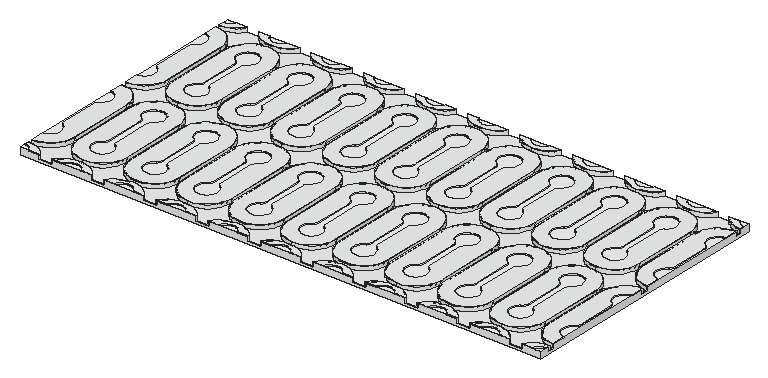
Revit family "DEVIcell™_LowCarbon_RFA", category Mechanical Equipment, Revit 2019
Family settings
  Round Connector Dimension = Use Diameter
  Part Type = Normal
  OmniClass Number = 23.80.00.00
  OmniClass Title = Electric Power and Lighting
  Work Plane-Based = No
  Always vertical = Yes
  Cut with Voids When Loaded = No
  Shared = No
  Room Calculation Point = No
Parameters (values of type "DEVIcell™ LowCarbon")
  Weight = 1.056 kg  # constant formula
  W = 496 mm
  URL = "https://store.danfoss.com/en/Climate-Solutions-for-heating/Electric-heating/DEVI-electric-heating/Other-heating-products/DEVIcell%E2%84%A2/DEVIcell%E2%84%A2-2m%C2%B2-4pcs/p/140F1131"
  Thickness = H  # 13 mm
  R value = "0.26 m² K/W"  # constant formula
  Plate size = "50 x 100 cm"  # constant formula
  Noise reduction = "-3 dB"  # constant formula
  Model Type = "DEVIcell™ LowCarbon"
  Model = "140F1130, 140F1131, 140F1132"
  Max Working Temperature = "80 °C"  # constant formula
  Manufacturer = "Danfoss"  # constant formula
  L = 996 mm
  Insulation = "12 mm \u001cre retardant EPS"  # constant formula
  H_alu = 8.8 mm
  H = 13 mm
  Description = "Insulation plate"  # constant formula
  Deformation strength = ">400 kPa at 10% compression"  # constant formula
  Body Material = Danfoss Aluminum
  Aluminim thickness = 0.8 mm  # constant formula
Reference planes
  plane 1 "Center (Front/Back)": y = 0
  plane 2: z = 0
  plane 3 "Center (Left/Right)": x = 0
  plane 4: z = 8.8
  plane 5: x = -498
  plane 6: x = 498
  plane 7: y = 248
  plane 8: y = -248
  plane 9: z = -4.2
Forms (mm)
  Extrusion 1, solid, material "Danfoss Aluminum" <- "Body Material"
    sketch origin (0, 0, 0) x (1, 0, 0) y (0, 1, 0)
      loop
        line (-498, 248) -> (-498, -248) -> (498, -248) -> (498, 248) -> (-498, 248)
    from 0 to 8.8
  Extrusion 2, void
    sketch origin (0, 0, 0) x (1, 0, 0) y (0, 1, 0)
      loop
        line (-453.196, 173.803) -> (-453.196, 51.197)
        arc (-453.196, 51.197) -> (-466.815, 18.316) -> (-499.696, 4.697) r 46.5
        line (-499.696, 4.697) -> (-547.976, 4.697) -> (-547.976, -4.697) -> (-499.696, -4.697)
        arc (-499.696, -4.697) -> (-466.815, -18.316) -> (-453.196, -51.197) r 46.5
        line (-453.196, -51.197) -> (-453.196, -173.803)
        arc (-453.196, -173.803) -> (-466.815, -206.684) -> (-499.696, -220.303) r 46.5
        line (-499.696, -220.303) -> (-547.976, -220.303) -> (-547.976, -227.303) -> (-499.696, -227.303)
        arc (-499.696, -227.303) -> (-466.815, -240.923) -> (-453.196, -273.803) r 46.5
        line (-453.196, -273.803) -> (-453.196, -311.599) -> (-446.196, -311.599) -> (-446.196, -273.803)
        arc (-446.196, -273.803) -> (-432.576, -240.923) -> (-399.696, -227.303) r 46.5
        arc (-399.696, -227.303) -> (-366.815, -240.923) -> (-353.196, -273.803) r 46.5
        line (-353.196, -273.803) -> (-353.196, -311.599) -> (-346.196, -311.599) -> (-346.196, -273.803)
        arc (-346.196, -273.803) -> (-332.576, -240.923) -> (-299.696, -227.303) r 46.5
        arc (-299.696, -227.303) -> (-266.815, -240.923) -> (-253.196, -273.803) r 46.5
        line (-253.196, -273.803) -> (-253.196, -311.599) -> (-246.196, -311.599) -> (-246.196, -273.803)
        arc (-246.196, -273.803) -> (-232.576, -240.923) -> (-199.696, -227.303) r 46.5
        arc (-199.696, -227.303) -> (-166.815, -240.923) -> (-153.196, -273.803) r 46.5
        line (-153.196, -273.803) -> (-153.196, -311.599) -> (-146.196, -311.599) -> (-146.196, -273.803)
        arc (-146.196, -273.803) -> (-132.576, -240.923) -> (-99.696, -227.303) r 46.5
        arc (-99.696, -227.303) -> (-66.815, -240.923) -> (-53.196, -273.803) r 46.5
        line (-53.196, -273.803) -> (-53.196, -311.599) -> (-46.19, -311.599) -> (-46.19, -273.536)
        arc (-46.19, -273.536) -> (-32.661, -240.875) -> (0, -227.346) r 46.19
        arc (0, -227.346) -> (33.065, -241.042) -> (46.761, -274.107) r 46.761
        line (46.761, -274.107) -> (46.761, -311.599) -> (53.632, -311.599) -> (53.632, -273.803)
        arc (53.632, -273.803) -> (67.251, -240.923) -> (100.132, -227.303) r 46.5
        arc (100.132, -227.303) -> (133.012, -240.923) -> (146.632, -273.803) r 46.5
        line (146.632, -273.803) -> (146.632, -311.599) -> (153.632, -311.599) -> (153.632, -273.803)
        arc (153.632, -273.803) -> (167.251, -240.923) -> (200.132, -227.303) r 46.5
        arc (200.132, -227.303) -> (233.012, -240.923) -> (246.632, -273.803) r 46.5
        line (246.632, -273.803) -> (246.632, -311.599) -> (253.632, -311.599) -> (253.632, -273.803)
        arc (253.632, -273.803) -> (267.251, -240.923) -> (300.132, -227.303) r 46.5
        arc (300.132, -227.303) -> (333.012, -240.923) -> (346.632, -273.803) r 46.5
        line (346.632, -273.803) -> (346.632, -311.599) -> (353.632, -311.599) -> (353.632, -273.803)
        arc (353.632, -273.803) -> (367.251, -240.923) -> (400.132, -227.303) r 46.5
        arc (400.132, -227.303) -> (433.012, -240.923) -> (446.632, -273.803) r 46.5
        line (446.632, -273.803) -> (446.632, -311.599) -> (453.632, -311.599) -> (453.632, -273.803)
        arc (453.632, -273.803) -> (467.251, -240.923) -> (500.132, -227.303) r 46.5
        line (500.132, -227.303) -> (532.024, -227.303) -> (532.024, -220.303) -> (500.132, -220.303)
        arc (500.132, -220.303) -> (467.251, -206.684) -> (453.632, -173.803) r 46.5
        line (453.632, -173.803) -> (453.632, -51.197)
        arc (453.632, -51.197) -> (467.251, -18.316) -> (500.132, -4.697) r 46.5
        line (500.132, -4.697) -> (532.024, -4.697) -> (532.024, 4.697) -> (500.132, 4.697)
        arc (500.132, 4.697) -> (467.251, 18.316) -> (453.632, 51.197) r 46.5
        line (453.632, 51.197) -> (453.632, 173.803)
        arc (453.632, 173.803) -> (467.251, 206.684) -> (500.132, 220.303) r 46.5
        line (500.132, 220.303) -> (532.024, 220.303) -> (532.024, 227.303) -> (500.132, 227.303)
        arc (500.132, 227.303) -> (467.251, 240.923) -> (453.632, 273.803) r 46.5
        line (453.632, 273.803) -> (453.632, 311.599) -> (446.632, 311.599) -> (446.632, 273.803)
        arc (446.632, 273.803) -> (433.012, 240.923) -> (400.132, 227.303) r 46.5
        arc (400.132, 227.303) -> (367.251, 240.923) -> (353.632, 273.803) r 46.5
        line (353.632, 273.803) -> (353.632, 311.599) -> (346.632, 311.599) -> (346.632, 273.803)
        arc (346.632, 273.803) -> (333.012, 240.923) -> (300.132, 227.303) r 46.5
        arc (300.132, 227.303) -> (267.251, 240.923) -> (253.632, 273.803) r 46.5
        line (253.632, 273.803) -> (253.632, 311.599) -> (246.632, 311.599) -> (246.632, 273.803)
        arc (246.632, 273.803) -> (233.012, 240.923) -> (200.132, 227.303) r 46.5
        arc (200.132, 227.303) -> (167.251, 240.923) -> (153.632, 273.803) r 46.5
        line (153.632, 273.803) -> (153.632, 311.599) -> (146.632, 311.599) -> (146.632, 273.803)
        arc (146.632, 273.803) -> (133.012, 240.923) -> (100.132, 227.303) r 46.5
        arc (100.132, 227.303) -> (67.251, 240.923) -> (53.632, 273.803) r 46.5
        line (53.632, 273.803) -> (53.632, 311.599) -> (46.761, 311.599) -> (46.761, 274.107)
        arc (46.761, 274.107) -> (33.065, 241.042) -> (0, 227.346) r 46.761
        arc (0, 227.346) -> (-32.661, 240.875) -> (-46.19, 273.536) r 46.19
        line (-46.19, 273.536) -> (-46.19, 311.599) -> (-53.196, 311.599) -> (-53.196, 273.803)
        arc (-53.196, 273.803) -> (-66.815, 240.923) -> (-99.696, 227.303) r 46.5
        arc (-99.696, 227.303) -> (-132.576, 240.923) -> (-146.196, 273.803) r 46.5
        line (-146.196, 273.803) -> (-146.196, 311.599) -> (-153.196, 311.599) -> (-153.196, 273.803)
        arc (-153.196, 273.803) -> (-166.815, 240.923) -> (-199.696, 227.303) r 46.5
        arc (-199.696, 227.303) -> (-232.576, 240.923) -> (-246.196, 273.803) r 46.5
        line (-246.196, 273.803) -> (-246.196, 311.599) -> (-253.196, 311.599) -> (-253.196, 273.803)
        arc (-253.196, 273.803) -> (-266.815, 240.923) -> (-299.696, 227.303) r 46.5
        arc (-299.696, 227.303) -> (-332.576, 240.923) -> (-346.196, 273.803) r 46.5
        line (-346.196, 273.803) -> (-346.196, 311.599) -> (-353.196, 311.599) -> (-353.196, 273.803)
        arc (-353.196, 273.803) -> (-366.815, 240.923) -> (-399.696, 227.303) r 46.5
        arc (-399.696, 227.303) -> (-432.576, 240.923) -> (-446.196, 273.803) r 46.5
        line (-446.196, 273.803) -> (-446.196, 311.599) -> (-453.196, 311.599) -> (-453.196, 273.803)
        arc (-453.196, 273.803) -> (-466.815, 240.923) -> (-499.696, 227.303) r 46.5
        line (-499.696, 227.303) -> (-547.976, 227.303) -> (-547.976, 220.303) -> (-499.696, 220.303)
        arc (-499.696, 220.303) -> (-466.815, 206.684) -> (-453.196, 173.803) r 46.5
      loop
        line (-446.196, 173.803) -> (-446.196, 51.197)
        arc (-446.196, 51.197) -> (-432.576, 18.316) -> (-399.696, 4.697) r 46.5
        arc (-399.696, 4.697) -> (-366.815, 18.316) -> (-353.196, 51.197) r 46.5
        line (-353.196, 51.197) -> (-353.196, 173.803)
        arc (-353.196, 173.803) -> (-366.815, 206.684) -> (-399.696, 220.303) r 46.5
        arc (-399.696, 220.303) -> (-432.576, 206.684) -> (-446.196, 173.803) r 46.5
      loop
        arc (-253.196, 173.803) -> (-266.815, 206.684) -> (-299.696, 220.303) r 46.5
        arc (-299.696, 220.303) -> (-332.576, 206.684) -> (-346.196, 173.803) r 46.5
        line (-346.196, 173.803) -> (-346.196, 51.197)
        arc (-346.196, 51.197) -> (-332.576, 18.316) -> (-299.696, 4.697) r 46.5
        arc (-299.696, 4.697) -> (-266.815, 18.316) -> (-253.196, 51.197) r 46.5
        line (-253.196, 51.197) -> (-253.196, 173.803)
      loop
        arc (-53.196, 173.803) -> (-66.815, 206.684) -> (-99.696, 220.303) r 46.5
        arc (-99.696, 220.303) -> (-132.576, 206.684) -> (-146.196, 173.803) r 46.5
        line (-146.196, 173.803) -> (-146.196, 51.197)
        arc (-146.196, 51.197) -> (-132.576, 18.316) -> (-99.696, 4.697) r 46.5
        arc (-99.696, 4.697) -> (-66.815, 18.316) -> (-53.196, 51.197) r 46.5
        line (-53.196, 51.197) -> (-53.196, 173.803)
      loop
        line (-246.196, 173.803) -> (-246.196, 51.197)
        arc (-246.196, 51.197) -> (-232.576, 18.316) -> (-199.696, 4.697) r 46.5
        arc (-199.696, 4.697) -> (-166.815, 18.316) -> (-153.196, 51.197) r 46.5
        line (-153.196, 51.197) -> (-153.196, 173.803)
        arc (-153.196, 173.803) -> (-166.815, 206.684) -> (-199.696, 220.303) r 46.5
        arc (-199.696, 220.303) -> (-232.576, 206.684) -> (-246.196, 173.803) r 46.5
      loop
        line (-46.19, 174.07) -> (-46.19, 50.93)
        arc (-46.19, 50.93) -> (-32.661, 18.269) -> (0, 4.74) r 46.19
        arc (0, 4.74) -> (33.065, 18.436) -> (46.761, 51.501) r 46.761
        line (46.761, 51.501) -> (46.761, 173.499)
        arc (46.761, 173.499) -> (33.065, 206.564) -> (0, 220.26) r 46.761
        arc (0, 220.26) -> (-32.661, 206.731) -> (-46.19, 174.07) r 46.19
      loop
        arc (446.632, 173.803) -> (433.012, 206.684) -> (400.132, 220.303) r 46.5
        arc (400.132, 220.303) -> (367.251, 206.684) -> (353.632, 173.803) r 46.5
        line (353.632, 173.803) -> (353.632, 51.197)
        arc (353.632, 51.197) -> (367.251, 18.316) -> (400.132, 4.697) r 46.5
        arc (400.132, 4.697) -> (433.012, 18.316) -> (446.632, 51.197) r 46.5
        line (446.632, 51.197) -> (446.632, 173.803)
      loop
        line (253.632, 173.803) -> (253.632, 51.197)
        arc (253.632, 51.197) -> (267.251, 18.316) -> (300.132, 4.697) r 46.5
        arc (300.132, 4.697) -> (333.012, 18.316) -> (346.632, 51.197) r 46.5
        line (346.632, 51.197) -> (346.632, 173.803)
        arc (346.632, 173.803) -> (333.012, 206.684) -> (300.132, 220.303) r 46.5
        arc (300.132, 220.303) -> (267.251, 206.684) -> (253.632, 173.803) r 46.5
      loop
        line (53.632, 173.803) -> (53.632, 51.197)
        arc (53.632, 51.197) -> (67.251, 18.316) -> (100.132, 4.697) r 46.5
        arc (100.132, 4.697) -> (133.012, 18.316) -> (146.632, 51.197) r 46.5
        line (146.632, 51.197) -> (146.632, 173.803)
        arc (146.632, 173.803) -> (133.012, 206.684) -> (100.132, 220.303) r 46.5
        arc (100.132, 220.303) -> (67.251, 206.684) -> (53.632, 173.803) r 46.5
      loop
        arc (246.632, 173.803) -> (233.012, 206.684) -> (200.132, 220.303) r 46.5
        arc (200.132, 220.303) -> (167.251, 206.684) -> (153.632, 173.803) r 46.5
        line (153.632, 173.803) -> (153.632, 51.197)
        arc (153.632, 51.197) -> (167.251, 18.316) -> (200.132, 4.697) r 46.5
        arc (200.132, 4.697) -> (233.012, 18.316) -> (246.632, 51.197) r 46.5
        line (246.632, 51.197) -> (246.632, 173.803)
      loop
        arc (-446.196, -173.803) -> (-432.576, -206.684) -> (-399.696, -220.303) r 46.5
        arc (-399.696, -220.303) -> (-366.815, -206.684) -> (-353.196, -173.803) r 46.5
        line (-353.196, -173.803) -> (-353.196, -51.197)
        arc (-353.196, -51.197) -> (-366.815, -18.316) -> (-399.696, -4.697) r 46.5
        arc (-399.696, -4.697) -> (-432.576, -18.316) -> (-446.196, -51.197) r 46.5
        line (-446.196, -51.197) -> (-446.196, -173.803)
      loop
        line (-253.196, -173.803) -> (-253.196, -51.197)
        arc (-253.196, -51.197) -> (-266.815, -18.316) -> (-299.696, -4.697) r 46.5
        arc (-299.696, -4.697) -> (-332.576, -18.316) -> (-346.196, -51.197) r 46.5
        line (-346.196, -51.197) -> (-346.196, -173.803)
        arc (-346.196, -173.803) -> (-332.576, -206.684) -> (-299.696, -220.303) r 46.5
        arc (-299.696, -220.303) -> (-266.815, -206.684) -> (-253.196, -173.803) r 46.5
      loop
        line (-53.196, -173.803) -> (-53.196, -51.197)
        arc (-53.196, -51.197) -> (-66.815, -18.316) -> (-99.696, -4.697) r 46.5
        arc (-99.696, -4.697) -> (-132.576, -18.316) -> (-146.196, -51.197) r 46.5
        line (-146.196, -51.197) -> (-146.196, -173.803)
        arc (-146.196, -173.803) -> (-132.576, -206.684) -> (-99.696, -220.303) r 46.5
        arc (-99.696, -220.303) -> (-66.815, -206.684) -> (-53.196, -173.803) r 46.5
      loop
        arc (-246.196, -173.803) -> (-232.576, -206.684) -> (-199.696, -220.303) r 46.5
        arc (-199.696, -220.303) -> (-166.815, -206.684) -> (-153.196, -173.803) r 46.5
        line (-153.196, -173.803) -> (-153.196, -51.197)
        arc (-153.196, -51.197) -> (-166.815, -18.316) -> (-199.696, -4.697) r 46.5
        arc (-199.696, -4.697) -> (-232.576, -18.316) -> (-246.196, -51.197) r 46.5
        line (-246.196, -51.197) -> (-246.196, -173.803)
      loop
        arc (-46.19, -174.07) -> (-32.661, -206.731) -> (0, -220.26) r 46.19
        arc (0, -220.26) -> (33.065, -206.564) -> (46.761, -173.499) r 46.761
        line (46.761, -173.499) -> (46.761, -51.501)
        arc (46.761, -51.501) -> (33.065, -18.436) -> (0, -4.74) r 46.761
        arc (0, -4.74) -> (-32.661, -18.269) -> (-46.19, -50.93) r 46.19
        line (-46.19, -50.93) -> (-46.19, -174.07)
      loop
        line (446.632, -173.803) -> (446.632, -51.197)
        arc (446.632, -51.197) -> (433.012, -18.316) -> (400.132, -4.697) r 46.5
        arc (400.132, -4.697) -> (367.251, -18.316) -> (353.632, -51.197) r 46.5
        line (353.632, -51.197) -> (353.632, -173.803)
        arc (353.632, -173.803) -> (367.251, -206.684) -> (400.132, -220.303) r 46.5
        arc (400.132, -220.303) -> (433.012, -206.684) -> (446.632, -173.803) r 46.5
      loop
        arc (253.632, -173.803) -> (267.251, -206.684) -> (300.132, -220.303) r 46.5
        arc (300.132, -220.303) -> (333.012, -206.684) -> (346.632, -173.803) r 46.5
        line (346.632, -173.803) -> (346.632, -51.197)
        arc (346.632, -51.197) -> (333.012, -18.316) -> (300.132, -4.697) r 46.5
        arc (300.132, -4.697) -> (267.251, -18.316) -> (253.632, -51.197) r 46.5
        line (253.632, -51.197) -> (253.632, -173.803)
      loop
        arc (53.632, -173.803) -> (67.251, -206.684) -> (100.132, -220.303) r 46.5
        arc (100.132, -220.303) -> (133.012, -206.684) -> (146.632, -173.803) r 46.5
        line (146.632, -173.803) -> (146.632, -51.197)
        arc (146.632, -51.197) -> (133.012, -18.316) -> (100.132, -4.697) r 46.5
        arc (100.132, -4.697) -> (67.251, -18.316) -> (53.632, -51.197) r 46.5
        line (53.632, -51.197) -> (53.632, -173.803)
      loop
        line (246.632, -173.803) -> (246.632, -51.197)
        arc (246.632, -51.197) -> (233.012, -18.316) -> (200.132, -4.697) r 46.5
        arc (200.132, -4.697) -> (167.251, -18.316) -> (153.632, -51.197) r 46.5
        line (153.632, -51.197) -> (153.632, -173.803)
        arc (153.632, -173.803) -> (167.251, -206.684) -> (200.132, -220.303) r 46.5
        arc (200.132, -220.303) -> (233.012, -206.684) -> (246.632, -173.803) r 46.5
    from 0.8 to 8.8
  Extrusion 3, void
    sketch origin (0, 0, 0) x (1, 0, 0) y (0, 1, 0)
      loop
        arc (-498, 228.135) -> (-477.627, 233.785) -> (-461.977, 248) r 45.7
        line (-461.977, 248) -> (-498, 248) -> (-498, 228.135)
      loop
        arc (-437.414, 248) -> (-421.018, 233.382) -> (-399.696, 228.103) r 45.7
        arc (-399.696, 228.103) -> (-378.373, 233.382) -> (-361.977, 248) r 45.7
        line (-361.977, 248) -> (-437.414, 248)
      loop
        arc (-337.414, 248) -> (-321.018, 233.382) -> (-299.696, 228.103) r 45.7
        arc (-299.696, 228.103) -> (-278.373, 233.382) -> (-261.977, 248) r 45.7
        line (-261.977, 248) -> (-337.414, 248)
      loop
        arc (-237.414, 248) -> (-221.018, 233.382) -> (-199.696, 228.103) r 45.7
        arc (-199.696, 228.103) -> (-178.373, 233.382) -> (-161.977, 248) r 45.7
        line (-161.977, 248) -> (-237.414, 248)
      loop
        arc (-137.414, 248) -> (-121.018, 233.382) -> (-99.696, 228.103) r 45.7
        arc (-99.696, 228.103) -> (-78.373, 233.382) -> (-61.977, 248) r 45.7
        line (-61.977, 248) -> (-137.414, 248)
      loop
        arc (-37.525, 248) -> (-21.227, 233.415) -> (0, 228.146) r 45.39
        arc (0, 228.146) -> (21.36, 233.411) -> (37.826, 248) r 45.961
        line (37.826, 248) -> (-37.525, 248)
      loop
        arc (62.413, 248) -> (78.81, 233.382) -> (100.132, 228.103) r 45.7
        arc (100.132, 228.103) -> (121.454, 233.382) -> (137.851, 248) r 45.7
        line (137.851, 248) -> (62.413, 248)
      loop
        arc (162.413, 248) -> (178.81, 233.382) -> (200.132, 228.103) r 45.7
        arc (200.132, 228.103) -> (221.454, 233.382) -> (237.851, 248) r 45.7
        line (237.851, 248) -> (162.413, 248)
      loop
        arc (262.413, 248) -> (278.81, 233.382) -> (300.132, 228.103) r 45.7
        arc (300.132, 228.103) -> (321.454, 233.382) -> (337.851, 248) r 45.7
        line (337.851, 248) -> (262.413, 248)
      loop
        arc (362.413, 248) -> (378.81, 233.382) -> (400.132, 228.103) r 45.7
        arc (400.132, 228.103) -> (421.454, 233.382) -> (437.851, 248) r 45.7
        line (437.851, 248) -> (362.413, 248)
      loop
        arc (462.413, 248) -> (477.872, 233.891) -> (498, 228.153) r 45.7
        line (498, 228.153) -> (498, 248) -> (462.413, 248)
      loop
        arc (498, 219.453) -> (467.072, 205.355) -> (454.432, 173.803) r 45.7
        line (454.432, 173.803) -> (454.432, 51.197)
        arc (454.432, 51.197) -> (467.072, 19.645) -> (498, 5.547) r 45.7
        line (498, 5.547) -> (498, 219.453)
      loop
        arc (445.832, 173.803) -> (432.447, 206.118) -> (400.132, 219.503) r 45.7
        arc (400.132, 219.503) -> (367.817, 206.118) -> (354.432, 173.803) r 45.7
        line (354.432, 173.803) -> (354.432, 51.197)
        arc (354.432, 51.197) -> (367.817, 18.882) -> (400.132, 5.497) r 45.7
        arc (400.132, 5.497) -> (432.447, 18.882) -> (445.832, 51.197) r 45.7
        line (445.832, 51.197) -> (445.832, 173.803)
      loop
        arc (300.132, 219.503) -> (267.817, 206.118) -> (254.432, 173.803) r 45.7
        line (254.432, 173.803) -> (254.432, 51.197)
        arc (254.432, 51.197) -> (267.817, 18.882) -> (300.132, 5.497) r 45.7
        arc (300.132, 5.497) -> (332.447, 18.882) -> (345.832, 51.197) r 45.7
        line (345.832, 51.197) -> (345.832, 173.803)
        arc (345.832, 173.803) -> (332.447, 206.118) -> (300.132, 219.503) r 45.7
      loop
        arc (200.132, 219.503) -> (167.817, 206.118) -> (154.432, 173.803) r 45.7
        line (154.432, 173.803) -> (154.432, 51.197)
        arc (154.432, 51.197) -> (167.817, 18.882) -> (200.132, 5.497) r 45.7
        arc (200.132, 5.497) -> (232.447, 18.882) -> (245.832, 51.197) r 45.7
        line (245.832, 51.197) -> (245.832, 173.803)
        arc (245.832, 173.803) -> (232.447, 206.118) -> (200.132, 219.503) r 45.7
      loop
        arc (100.132, 219.503) -> (67.817, 206.118) -> (54.432, 173.803) r 45.7
        line (54.432, 173.803) -> (54.432, 51.197)
        arc (54.432, 51.197) -> (67.817, 18.882) -> (100.132, 5.497) r 45.7
        arc (100.132, 5.497) -> (132.447, 18.882) -> (145.832, 51.197) r 45.7
        line (145.832, 51.197) -> (145.832, 173.803)
        arc (145.832, 173.803) -> (132.447, 206.118) -> (100.132, 219.503) r 45.7
      loop
        arc (0, 219.46) -> (-32.095, 206.166) -> (-45.39, 174.07) r 45.39
        line (-45.39, 174.07) -> (-45.39, 50.93)
        arc (-45.39, 50.93) -> (-32.095, 18.834) -> (0, 5.54) r 45.39
        arc (0, 5.54) -> (32.499, 19.002) -> (45.961, 51.501) r 45.961
        line (45.961, 51.501) -> (45.961, 173.499)
        arc (45.961, 173.499) -> (32.499, 205.998) -> (0, 219.46) r 45.961
      loop
        arc (-99.696, 219.503) -> (-132.011, 206.118) -> (-145.396, 173.803) r 45.7
        line (-145.396, 173.803) -> (-145.396, 51.197)
        arc (-145.396, 51.197) -> (-132.011, 18.882) -> (-99.696, 5.497) r 45.7
        arc (-99.696, 5.497) -> (-67.381, 18.882) -> (-53.996, 51.197) r 45.7
        line (-53.996, 51.197) -> (-53.996, 173.803)
        arc (-53.996, 173.803) -> (-67.381, 206.118) -> (-99.696, 219.503) r 45.7
      loop
        arc (-199.696, 219.503) -> (-232.011, 206.118) -> (-245.396, 173.803) r 45.7
        line (-245.396, 173.803) -> (-245.396, 51.197)
        arc (-245.396, 51.197) -> (-232.011, 18.882) -> (-199.696, 5.497) r 45.7
        arc (-199.696, 5.497) -> (-167.381, 18.882) -> (-153.996, 51.197) r 45.7
        line (-153.996, 51.197) -> (-153.996, 173.803)
        arc (-153.996, 173.803) -> (-167.381, 206.118) -> (-199.696, 219.503) r 45.7
      loop
        arc (-299.696, 219.503) -> (-332.011, 206.118) -> (-345.396, 173.803) r 45.7
        line (-345.396, 173.803) -> (-345.396, 51.197)
        arc (-345.396, 51.197) -> (-332.011, 18.882) -> (-299.696, 5.497) r 45.7
        arc (-299.696, 5.497) -> (-267.381, 18.882) -> (-253.996, 51.197) r 45.7
        line (-253.996, 51.197) -> (-253.996, 173.803)
        arc (-253.996, 173.803) -> (-267.381, 206.118) -> (-299.696, 219.503) r 45.7
      loop
        arc (-399.696, 219.503) -> (-432.011, 206.118) -> (-445.396, 173.803) r 45.7
        line (-445.396, 173.803) -> (-445.396, 51.197)
        arc (-445.396, 51.197) -> (-432.011, 18.882) -> (-399.696, 5.497) r 45.7
        arc (-399.696, 5.497) -> (-367.381, 18.882) -> (-353.996, 51.197) r 45.7
        line (-353.996, 51.197) -> (-353.996, 173.803)
        arc (-353.996, 173.803) -> (-367.381, 206.118) -> (-399.696, 219.503) r 45.7
      loop
        arc (-453.996, 173.803) -> (-466.787, 205.513) -> (-498, 219.472) r 45.7
        line (-498, 219.472) -> (-498, 5.528)
        arc (-498, 5.528) -> (-466.787, 19.487) -> (-453.996, 51.197) r 45.7
        line (-453.996, 51.197) -> (-453.996, 173.803)
      loop
        line (-498, -228.135) -> (-498, -248) -> (-461.977, -248)
        arc (-461.977, -248) -> (-477.627, -233.785) -> (-498, -228.135) r 45.7
      loop
        line (-437.414, -248) -> (-361.977, -248)
        arc (-361.977, -248) -> (-378.373, -233.382) -> (-399.696, -228.103) r 45.7
        arc (-399.696, -228.103) -> (-421.018, -233.382) -> (-437.414, -248) r 45.7
      loop
        line (-337.414, -248) -> (-261.977, -248)
        arc (-261.977, -248) -> (-278.373, -233.382) -> (-299.696, -228.103) r 45.7
        arc (-299.696, -228.103) -> (-321.018, -233.382) -> (-337.414, -248) r 45.7
      loop
        line (-237.414, -248) -> (-161.977, -248)
        arc (-161.977, -248) -> (-178.373, -233.382) -> (-199.696, -228.103) r 45.7
        arc (-199.696, -228.103) -> (-221.018, -233.382) -> (-237.414, -248) r 45.7
      loop
        line (-137.414, -248) -> (-61.977, -248)
        arc (-61.977, -248) -> (-78.373, -233.382) -> (-99.696, -228.103) r 45.7
        arc (-99.696, -228.103) -> (-121.018, -233.382) -> (-137.414, -248) r 45.7
      loop
        line (-37.525, -248) -> (37.826, -248)
        arc (37.826, -248) -> (21.36, -233.411) -> (0, -228.146) r 45.961
        arc (0, -228.146) -> (-21.227, -233.415) -> (-37.525, -248) r 45.39
      loop
        line (62.413, -248) -> (137.851, -248)
        arc (137.851, -248) -> (121.454, -233.382) -> (100.132, -228.103) r 45.7
        arc (100.132, -228.103) -> (78.81, -233.382) -> (62.413, -248) r 45.7
      loop
        line (162.413, -248) -> (237.851, -248)
        arc (237.851, -248) -> (221.454, -233.382) -> (200.132, -228.103) r 45.7
        arc (200.132, -228.103) -> (178.81, -233.382) -> (162.413, -248) r 45.7
      loop
        line (262.413, -248) -> (337.851, -248)
        arc (337.851, -248) -> (321.454, -233.382) -> (300.132, -228.103) r 45.7
        arc (300.132, -228.103) -> (278.81, -233.382) -> (262.413, -248) r 45.7
      loop
        line (362.413, -248) -> (437.851, -248)
        arc (437.851, -248) -> (421.454, -233.382) -> (400.132, -228.103) r 45.7
        arc (400.132, -228.103) -> (378.81, -233.382) -> (362.413, -248) r 45.7
      loop
        line (462.413, -248) -> (498, -248) -> (498, -228.153)
        arc (498, -228.153) -> (477.872, -233.891) -> (462.413, -248) r 45.7
      loop
        line (498, -219.453) -> (498, -5.547)
        arc (498, -5.547) -> (467.072, -19.645) -> (454.432, -51.197) r 45.7
        line (454.432, -51.197) -> (454.432, -173.803)
        arc (454.432, -173.803) -> (467.072, -205.355) -> (498, -219.453) r 45.7
      loop
        line (445.832, -173.803) -> (445.832, -51.197)
        arc (445.832, -51.197) -> (432.447, -18.882) -> (400.132, -5.497) r 45.7
        arc (400.132, -5.497) -> (367.817, -18.882) -> (354.432, -51.197) r 45.7
        line (354.432, -51.197) -> (354.432, -173.803)
        arc (354.432, -173.803) -> (367.817, -206.118) -> (400.132, -219.503) r 45.7
        arc (400.132, -219.503) -> (432.447, -206.118) -> (445.832, -173.803) r 45.7
      loop
        arc (300.132, -219.503) -> (332.447, -206.118) -> (345.832, -173.803) r 45.7
        line (345.832, -173.803) -> (345.832, -51.197)
        arc (345.832, -51.197) -> (332.447, -18.882) -> (300.132, -5.497) r 45.7
        arc (300.132, -5.497) -> (267.817, -18.882) -> (254.432, -51.197) r 45.7
        line (254.432, -51.197) -> (254.432, -173.803)
        arc (254.432, -173.803) -> (267.817, -206.118) -> (300.132, -219.503) r 45.7
      loop
        arc (200.132, -219.503) -> (232.447, -206.118) -> (245.832, -173.803) r 45.7
        line (245.832, -173.803) -> (245.832, -51.197)
        arc (245.832, -51.197) -> (232.447, -18.882) -> (200.132, -5.497) r 45.7
        arc (200.132, -5.497) -> (167.817, -18.882) -> (154.432, -51.197) r 45.7
        line (154.432, -51.197) -> (154.432, -173.803)
        arc (154.432, -173.803) -> (167.817, -206.118) -> (200.132, -219.503) r 45.7
      loop
        arc (100.132, -219.503) -> (132.447, -206.118) -> (145.832, -173.803) r 45.7
        line (145.832, -173.803) -> (145.832, -51.197)
        arc (145.832, -51.197) -> (132.447, -18.882) -> (100.132, -5.497) r 45.7
        arc (100.132, -5.497) -> (67.817, -18.882) -> (54.432, -51.197) r 45.7
        line (54.432, -51.197) -> (54.432, -173.803)
        arc (54.432, -173.803) -> (67.817, -206.118) -> (100.132, -219.503) r 45.7
      loop
        arc (0, -219.46) -> (32.499, -205.998) -> (45.961, -173.499) r 45.961
        line (45.961, -173.499) -> (45.961, -51.501)
        arc (45.961, -51.501) -> (32.499, -19.002) -> (0, -5.54) r 45.961
        arc (0, -5.54) -> (-32.095, -18.834) -> (-45.39, -50.93) r 45.39
        line (-45.39, -50.93) -> (-45.39, -174.07)
        arc (-45.39, -174.07) -> (-32.095, -206.166) -> (0, -219.46) r 45.39
      loop
        arc (-99.696, -219.503) -> (-67.381, -206.118) -> (-53.996, -173.803) r 45.7
        line (-53.996, -173.803) -> (-53.996, -51.197)
        arc (-53.996, -51.197) -> (-67.381, -18.882) -> (-99.696, -5.497) r 45.7
        arc (-99.696, -5.497) -> (-132.011, -18.882) -> (-145.396, -51.197) r 45.7
        line (-145.396, -51.197) -> (-145.396, -173.803)
        arc (-145.396, -173.803) -> (-132.011, -206.118) -> (-99.696, -219.503) r 45.7
      loop
        arc (-199.696, -219.503) -> (-167.381, -206.118) -> (-153.996, -173.803) r 45.7
        line (-153.996, -173.803) -> (-153.996, -51.197)
        arc (-153.996, -51.197) -> (-167.381, -18.882) -> (-199.696, -5.497) r 45.7
        arc (-199.696, -5.497) -> (-232.011, -18.882) -> (-245.396, -51.197) r 45.7
        line (-245.396, -51.197) -> (-245.396, -173.803)
        arc (-245.396, -173.803) -> (-232.011, -206.118) -> (-199.696, -219.503) r 45.7
      loop
        arc (-299.696, -219.503) -> (-267.381, -206.118) -> (-253.996, -173.803) r 45.7
        line (-253.996, -173.803) -> (-253.996, -51.197)
        arc (-253.996, -51.197) -> (-267.381, -18.882) -> (-299.696, -5.497) r 45.7
        arc (-299.696, -5.497) -> (-332.011, -18.882) -> (-345.396, -51.197) r 45.7
        line (-345.396, -51.197) -> (-345.396, -173.803)
        arc (-345.396, -173.803) -> (-332.011, -206.118) -> (-299.696, -219.503) r 45.7
      loop
        arc (-399.696, -219.503) -> (-367.381, -206.118) -> (-353.996, -173.803) r 45.7
        line (-353.996, -173.803) -> (-353.996, -51.197)
        arc (-353.996, -51.197) -> (-367.381, -18.882) -> (-399.696, -5.497) r 45.7
        arc (-399.696, -5.497) -> (-432.011, -18.882) -> (-445.396, -51.197) r 45.7
        line (-445.396, -51.197) -> (-445.396, -173.803)
        arc (-445.396, -173.803) -> (-432.011, -206.118) -> (-399.696, -219.503) r 45.7
      loop
        line (-453.996, -173.803) -> (-453.996, -51.197)
        arc (-453.996, -51.197) -> (-466.787, -19.487) -> (-498, -5.528) r 45.7
        line (-498, -5.528) -> (-498, -219.472)
        arc (-498, -219.472) -> (-466.787, -205.513) -> (-453.996, -173.803) r 45.7
    from 0 to 8
  Extrusion 4, void
    sketch origin (0, 0, 0) x (1, 0, 0) y (0, 1, 0)
      loop
        arc (-389.029, 156.885) -> (-399.696, 193.803) -> (-410.362, 156.885) r 20
        arc (-410.362, 156.885) -> (-406.94, 153.256) -> (-405.696, 148.426) r 10
        line (-405.696, 148.426) -> (-405.696, 76.574)
        arc (-405.696, 76.574) -> (-406.94, 71.744) -> (-410.362, 68.115) r 10
        arc (-410.362, 68.115) -> (-399.696, 31.197) -> (-389.029, 68.115) r 20
        arc (-389.029, 68.115) -> (-392.452, 71.744) -> (-393.696, 76.574) r 10
        line (-393.696, 76.574) -> (-393.696, 148.426)
        arc (-393.696, 148.426) -> (-392.452, 153.256) -> (-389.029, 156.885) r 10
    from -18.555 to 26.082
  Extrusion 5, void
    sketch origin (100, 0, 0) x (1, 0, 0) y (0, 1, 0)
      loop
        arc (-389.029, 156.885) -> (-399.696, 193.803) -> (-410.362, 156.885) r 20
        arc (-410.362, 156.885) -> (-406.94, 153.256) -> (-405.696, 148.426) r 10
        line (-405.696, 148.426) -> (-405.696, 76.574)
        arc (-405.696, 76.574) -> (-406.94, 71.744) -> (-410.362, 68.115) r 10
        arc (-410.362, 68.115) -> (-399.696, 31.197) -> (-389.029, 68.115) r 20
        arc (-389.029, 68.115) -> (-392.452, 71.744) -> (-393.696, 76.574) r 10
        line (-393.696, 76.574) -> (-393.696, 148.426)
        arc (-393.696, 148.426) -> (-392.452, 153.256) -> (-389.029, 156.885) r 10
    from -18.555 to 26.082
  Extrusion 6, void
    sketch origin (200, 0, 0) x (1, 0, 0) y (0, 1, 0)
      loop
        arc (-389.029, 156.885) -> (-399.696, 193.803) -> (-410.362, 156.885) r 20
        arc (-410.362, 156.885) -> (-406.94, 153.256) -> (-405.696, 148.426) r 10
        line (-405.696, 148.426) -> (-405.696, 76.574)
        arc (-405.696, 76.574) -> (-406.94, 71.744) -> (-410.362, 68.115) r 10
        arc (-410.362, 68.115) -> (-399.696, 31.197) -> (-389.029, 68.115) r 20
        arc (-389.029, 68.115) -> (-392.452, 71.744) -> (-393.696, 76.574) r 10
        line (-393.696, 76.574) -> (-393.696, 148.426)
        arc (-393.696, 148.426) -> (-392.452, 153.256) -> (-389.029, 156.885) r 10
    from -18.555 to 26.082
  Extrusion 7, void
    sketch origin (300, 0, 0) x (1, 0, 0) y (0, 1, 0)
      loop
        arc (-389.029, 156.885) -> (-399.696, 193.803) -> (-410.362, 156.885) r 20
        arc (-410.362, 156.885) -> (-406.94, 153.256) -> (-405.696, 148.426) r 10
        line (-405.696, 148.426) -> (-405.696, 76.574)
        arc (-405.696, 76.574) -> (-406.94, 71.744) -> (-410.362, 68.115) r 10
        arc (-410.362, 68.115) -> (-399.696, 31.197) -> (-389.029, 68.115) r 20
        arc (-389.029, 68.115) -> (-392.452, 71.744) -> (-393.696, 76.574) r 10
        line (-393.696, 76.574) -> (-393.696, 148.426)
        arc (-393.696, 148.426) -> (-392.452, 153.256) -> (-389.029, 156.885) r 10
    from -18.555 to 26.082
  Extrusion 8, void
    sketch origin (400, 0, 0) x (1, 0, 0) y (0, 1, 0)
      loop
        arc (-389.029, 156.885) -> (-399.696, 193.803) -> (-410.362, 156.885) r 20
        arc (-410.362, 156.885) -> (-406.94, 153.256) -> (-405.696, 148.426) r 10
        line (-405.696, 148.426) -> (-405.696, 76.574)
        arc (-405.696, 76.574) -> (-406.94, 71.744) -> (-410.362, 68.115) r 10
        arc (-410.362, 68.115) -> (-399.696, 31.197) -> (-389.029, 68.115) r 20
        arc (-389.029, 68.115) -> (-392.452, 71.744) -> (-393.696, 76.574) r 10
        line (-393.696, 76.574) -> (-393.696, 148.426)
        arc (-393.696, 148.426) -> (-392.452, 153.256) -> (-389.029, 156.885) r 10
    from -18.555 to 26.082
  Extrusion 9, void
    sketch origin (500, 0, 0) x (1, 0, 0) y (0, 1, 0)
      loop
        arc (-389.029, 156.885) -> (-399.696, 193.803) -> (-410.362, 156.885) r 20
        arc (-410.362, 156.885) -> (-406.94, 153.256) -> (-405.696, 148.426) r 10
        line (-405.696, 148.426) -> (-405.696, 76.574)
        arc (-405.696, 76.574) -> (-406.94, 71.744) -> (-410.362, 68.115) r 10
        arc (-410.362, 68.115) -> (-399.696, 31.197) -> (-389.029, 68.115) r 20
        arc (-389.029, 68.115) -> (-392.452, 71.744) -> (-393.696, 76.574) r 10
        line (-393.696, 76.574) -> (-393.696, 148.426)
        arc (-393.696, 148.426) -> (-392.452, 153.256) -> (-389.029, 156.885) r 10
    from -18.555 to 26.082
  Extrusion 10, void
    sketch origin (600, 0, 0) x (1, 0, 0) y (0, 1, 0)
      loop
        arc (-389.029, 156.885) -> (-399.696, 193.803) -> (-410.362, 156.885) r 20
        arc (-410.362, 156.885) -> (-406.94, 153.256) -> (-405.696, 148.426) r 10
        line (-405.696, 148.426) -> (-405.696, 76.574)
        arc (-405.696, 76.574) -> (-406.94, 71.744) -> (-410.362, 68.115) r 10
        arc (-410.362, 68.115) -> (-399.696, 31.197) -> (-389.029, 68.115) r 20
        arc (-389.029, 68.115) -> (-392.452, 71.744) -> (-393.696, 76.574) r 10
        line (-393.696, 76.574) -> (-393.696, 148.426)
        arc (-393.696, 148.426) -> (-392.452, 153.256) -> (-389.029, 156.885) r 10
    from -18.555 to 26.082
  Extrusion 11, void
    sketch origin (700, 0, 0) x (1, 0, 0) y (0, 1, 0)
      loop
        arc (-389.029, 156.885) -> (-399.696, 193.803) -> (-410.362, 156.885) r 20
        arc (-410.362, 156.885) -> (-406.94, 153.256) -> (-405.696, 148.426) r 10
        line (-405.696, 148.426) -> (-405.696, 76.574)
        arc (-405.696, 76.574) -> (-406.94, 71.744) -> (-410.362, 68.115) r 10
        arc (-410.362, 68.115) -> (-399.696, 31.197) -> (-389.029, 68.115) r 20
        arc (-389.029, 68.115) -> (-392.452, 71.744) -> (-393.696, 76.574) r 10
        line (-393.696, 76.574) -> (-393.696, 148.426)
        arc (-393.696, 148.426) -> (-392.452, 153.256) -> (-389.029, 156.885) r 10
    from -18.555 to 26.082
  Extrusion 12, void
    sketch origin (800, 0, 0) x (1, 0, 0) y (0, 1, 0)
      loop
        arc (-389.029, 156.885) -> (-399.696, 193.803) -> (-410.362, 156.885) r 20
        arc (-410.362, 156.885) -> (-406.94, 153.256) -> (-405.696, 148.426) r 10
        line (-405.696, 148.426) -> (-405.696, 76.574)
        arc (-405.696, 76.574) -> (-406.94, 71.744) -> (-410.362, 68.115) r 10
        arc (-410.362, 68.115) -> (-399.696, 31.197) -> (-389.029, 68.115) r 20
        arc (-389.029, 68.115) -> (-392.452, 71.744) -> (-393.696, 76.574) r 10
        line (-393.696, 76.574) -> (-393.696, 148.426)
        arc (-393.696, 148.426) -> (-392.452, 153.256) -> (-389.029, 156.885) r 10
    from -18.555 to 26.082
  Extrusion 13, void
    sketch origin (900, 0, 0) x (1, 0, 0) y (0, 1, 0)
      loop
        arc (-389.029, 156.885) -> (-399.696, 193.803) -> (-410.362, 156.885) r 20
        arc (-410.362, 156.885) -> (-406.94, 153.256) -> (-405.696, 148.426) r 10
        line (-405.696, 148.426) -> (-405.696, 76.574)
        arc (-405.696, 76.574) -> (-406.94, 71.744) -> (-410.362, 68.115) r 10
        arc (-410.362, 68.115) -> (-399.696, 31.197) -> (-389.029, 68.115) r 20
        arc (-389.029, 68.115) -> (-392.452, 71.744) -> (-393.696, 76.574) r 10
        line (-393.696, 76.574) -> (-393.696, 148.426)
        arc (-393.696, 148.426) -> (-392.452, 153.256) -> (-389.029, 156.885) r 10
    from -18.555 to 26.082
  Extrusion 14, void
    sketch origin (-100, 0, 0) x (1, 0, 0) y (0, 1, 0)
      loop
        arc (-389.029, 156.885) -> (-399.696, 193.803) -> (-410.362, 156.885) r 20
        arc (-410.362, 156.885) -> (-406.94, 153.256) -> (-405.696, 148.426) r 10
        line (-405.696, 148.426) -> (-405.696, 76.574)
        arc (-405.696, 76.574) -> (-406.94, 71.744) -> (-410.362, 68.115) r 10
        arc (-410.362, 68.115) -> (-399.696, 31.197) -> (-389.029, 68.115) r 20
        arc (-389.029, 68.115) -> (-392.452, 71.744) -> (-393.696, 76.574) r 10
        line (-393.696, 76.574) -> (-393.696, 148.426)
        arc (-393.696, 148.426) -> (-392.452, 153.256) -> (-389.029, 156.885) r 10
    from -18.555 to 26.082
  Extrusion 15, void, not visible
    sketch origin (0, 0, 0) x (1, 0, 0) y (0, 1, 0)
      loop
        arc (-389.029, 156.885) -> (-399.696, 193.803) -> (-410.362, 156.885) r 20
        arc (-410.362, 156.885) -> (-406.94, 153.256) -> (-405.696, 148.426) r 10
        line (-405.696, 148.426) -> (-405.696, 76.574)
        arc (-405.696, 76.574) -> (-406.94, 71.744) -> (-410.362, 68.115) r 10
        arc (-410.362, 68.115) -> (-399.696, 31.197) -> (-389.029, 68.115) r 20
        arc (-389.029, 68.115) -> (-392.452, 71.744) -> (-393.696, 76.574) r 10
        line (-393.696, 76.574) -> (-393.696, 148.426)
        arc (-393.696, 148.426) -> (-392.452, 153.256) -> (-389.029, 156.885) r 10
    from -18.555 to 26.082
  Extrusion 16, void
    sketch origin (0, -225, 0) x (1, 0, 0) y (0, 1, 0)
      loop
        arc (-389.029, 156.885) -> (-399.696, 193.803) -> (-410.362, 156.885) r 20
        arc (-410.362, 156.885) -> (-406.94, 153.256) -> (-405.696, 148.426) r 10
        line (-405.696, 148.426) -> (-405.696, 76.574)
        arc (-405.696, 76.574) -> (-406.94, 71.744) -> (-410.362, 68.115) r 10
        arc (-410.362, 68.115) -> (-399.696, 31.197) -> (-389.029, 68.115) r 20
        arc (-389.029, 68.115) -> (-392.452, 71.744) -> (-393.696, 76.574) r 10
        line (-393.696, 76.574) -> (-393.696, 148.426)
        arc (-393.696, 148.426) -> (-392.452, 153.256) -> (-389.029, 156.885) r 10
    from -18.555 to 26.082
  Extrusion 17, void
    sketch origin (100, -225, 0) x (1, 0, 0) y (0, 1, 0)
      loop
        arc (-389.029, 156.885) -> (-399.696, 193.803) -> (-410.362, 156.885) r 20
        arc (-410.362, 156.885) -> (-406.94, 153.256) -> (-405.696, 148.426) r 10
        line (-405.696, 148.426) -> (-405.696, 76.574)
        arc (-405.696, 76.574) -> (-406.94, 71.744) -> (-410.362, 68.115) r 10
        arc (-410.362, 68.115) -> (-399.696, 31.197) -> (-389.029, 68.115) r 20
        arc (-389.029, 68.115) -> (-392.452, 71.744) -> (-393.696, 76.574) r 10
        line (-393.696, 76.574) -> (-393.696, 148.426)
        arc (-393.696, 148.426) -> (-392.452, 153.256) -> (-389.029, 156.885) r 10
    from -18.555 to 26.082
  Extrusion 18, void
    sketch origin (200, -225, 0) x (1, 0, 0) y (0, 1, 0)
      loop
        arc (-389.029, 156.885) -> (-399.696, 193.803) -> (-410.362, 156.885) r 20
        arc (-410.362, 156.885) -> (-406.94, 153.256) -> (-405.696, 148.426) r 10
        line (-405.696, 148.426) -> (-405.696, 76.574)
        arc (-405.696, 76.574) -> (-406.94, 71.744) -> (-410.362, 68.115) r 10
        arc (-410.362, 68.115) -> (-399.696, 31.197) -> (-389.029, 68.115) r 20
        arc (-389.029, 68.115) -> (-392.452, 71.744) -> (-393.696, 76.574) r 10
        line (-393.696, 76.574) -> (-393.696, 148.426)
        arc (-393.696, 148.426) -> (-392.452, 153.256) -> (-389.029, 156.885) r 10
    from -18.555 to 26.082
  Extrusion 19, void
    sketch origin (300, -225, 0) x (1, 0, 0) y (0, 1, 0)
      loop
        arc (-389.029, 156.885) -> (-399.696, 193.803) -> (-410.362, 156.885) r 20
        arc (-410.362, 156.885) -> (-406.94, 153.256) -> (-405.696, 148.426) r 10
        line (-405.696, 148.426) -> (-405.696, 76.574)
        arc (-405.696, 76.574) -> (-406.94, 71.744) -> (-410.362, 68.115) r 10
        arc (-410.362, 68.115) -> (-399.696, 31.197) -> (-389.029, 68.115) r 20
        arc (-389.029, 68.115) -> (-392.452, 71.744) -> (-393.696, 76.574) r 10
        line (-393.696, 76.574) -> (-393.696, 148.426)
        arc (-393.696, 148.426) -> (-392.452, 153.256) -> (-389.029, 156.885) r 10
    from -18.555 to 26.082
  Extrusion 20, void
    sketch origin (400, -225, 0) x (1, 0, 0) y (0, 1, 0)
      loop
        arc (-389.029, 156.885) -> (-399.696, 193.803) -> (-410.362, 156.885) r 20
        arc (-410.362, 156.885) -> (-406.94, 153.256) -> (-405.696, 148.426) r 10
        line (-405.696, 148.426) -> (-405.696, 76.574)
        arc (-405.696, 76.574) -> (-406.94, 71.744) -> (-410.362, 68.115) r 10
        arc (-410.362, 68.115) -> (-399.696, 31.197) -> (-389.029, 68.115) r 20
        arc (-389.029, 68.115) -> (-392.452, 71.744) -> (-393.696, 76.574) r 10
        line (-393.696, 76.574) -> (-393.696, 148.426)
        arc (-393.696, 148.426) -> (-392.452, 153.256) -> (-389.029, 156.885) r 10
    from -18.555 to 26.082
  Extrusion 21, void
    sketch origin (500, -225, 0) x (1, 0, 0) y (0, 1, 0)
      loop
        arc (-389.029, 156.885) -> (-399.696, 193.803) -> (-410.362, 156.885) r 20
        arc (-410.362, 156.885) -> (-406.94, 153.256) -> (-405.696, 148.426) r 10
        line (-405.696, 148.426) -> (-405.696, 76.574)
        arc (-405.696, 76.574) -> (-406.94, 71.744) -> (-410.362, 68.115) r 10
        arc (-410.362, 68.115) -> (-399.696, 31.197) -> (-389.029, 68.115) r 20
        arc (-389.029, 68.115) -> (-392.452, 71.744) -> (-393.696, 76.574) r 10
        line (-393.696, 76.574) -> (-393.696, 148.426)
        arc (-393.696, 148.426) -> (-392.452, 153.256) -> (-389.029, 156.885) r 10
    from -18.555 to 26.082
  Extrusion 22, void
    sketch origin (600, -225, 0) x (1, 0, 0) y (0, 1, 0)
      loop
        arc (-389.029, 156.885) -> (-399.696, 193.803) -> (-410.362, 156.885) r 20
        arc (-410.362, 156.885) -> (-406.94, 153.256) -> (-405.696, 148.426) r 10
        line (-405.696, 148.426) -> (-405.696, 76.574)
        arc (-405.696, 76.574) -> (-406.94, 71.744) -> (-410.362, 68.115) r 10
        arc (-410.362, 68.115) -> (-399.696, 31.197) -> (-389.029, 68.115) r 20
        arc (-389.029, 68.115) -> (-392.452, 71.744) -> (-393.696, 76.574) r 10
        line (-393.696, 76.574) -> (-393.696, 148.426)
        arc (-393.696, 148.426) -> (-392.452, 153.256) -> (-389.029, 156.885) r 10
    from -18.555 to 26.082
  Extrusion 23, void
    sketch origin (700, -225, 0) x (1, 0, 0) y (0, 1, 0)
      loop
        arc (-389.029, 156.885) -> (-399.696, 193.803) -> (-410.362, 156.885) r 20
        arc (-410.362, 156.885) -> (-406.94, 153.256) -> (-405.696, 148.426) r 10
        line (-405.696, 148.426) -> (-405.696, 76.574)
        arc (-405.696, 76.574) -> (-406.94, 71.744) -> (-410.362, 68.115) r 10
        arc (-410.362, 68.115) -> (-399.696, 31.197) -> (-389.029, 68.115) r 20
        arc (-389.029, 68.115) -> (-392.452, 71.744) -> (-393.696, 76.574) r 10
        line (-393.696, 76.574) -> (-393.696, 148.426)
        arc (-393.696, 148.426) -> (-392.452, 153.256) -> (-389.029, 156.885) r 10
    from -18.555 to 26.082
  Extrusion 24, void
    sketch origin (800, -225, 0) x (1, 0, 0) y (0, 1, 0)
      loop
        arc (-389.029, 156.885) -> (-399.696, 193.803) -> (-410.362, 156.885) r 20
        arc (-410.362, 156.885) -> (-406.94, 153.256) -> (-405.696, 148.426) r 10
        line (-405.696, 148.426) -> (-405.696, 76.574)
        arc (-405.696, 76.574) -> (-406.94, 71.744) -> (-410.362, 68.115) r 10
        arc (-410.362, 68.115) -> (-399.696, 31.197) -> (-389.029, 68.115) r 20
        arc (-389.029, 68.115) -> (-392.452, 71.744) -> (-393.696, 76.574) r 10
        line (-393.696, 76.574) -> (-393.696, 148.426)
        arc (-393.696, 148.426) -> (-392.452, 153.256) -> (-389.029, 156.885) r 10
    from -18.555 to 26.082
  Extrusion 25, void
    sketch origin (900, -225, 0) x (1, 0, 0) y (0, 1, 0)
      loop
        arc (-389.029, 156.885) -> (-399.696, 193.803) -> (-410.362, 156.885) r 20
        arc (-410.362, 156.885) -> (-406.94, 153.256) -> (-405.696, 148.426) r 10
        line (-405.696, 148.426) -> (-405.696, 76.574)
        arc (-405.696, 76.574) -> (-406.94, 71.744) -> (-410.362, 68.115) r 10
        arc (-410.362, 68.115) -> (-399.696, 31.197) -> (-389.029, 68.115) r 20
        arc (-389.029, 68.115) -> (-392.452, 71.744) -> (-393.696, 76.574) r 10
        line (-393.696, 76.574) -> (-393.696, 148.426)
        arc (-393.696, 148.426) -> (-392.452, 153.256) -> (-389.029, 156.885) r 10
    from -18.555 to 26.082
  Extrusion 26, void
    sketch origin (-100, -225, 0) x (1, 0, 0) y (0, 1, 0)
      loop
        arc (-389.029, 156.885) -> (-399.696, 193.803) -> (-410.362, 156.885) r 20
        arc (-410.362, 156.885) -> (-406.94, 153.256) -> (-405.696, 148.426) r 10
        line (-405.696, 148.426) -> (-405.696, 76.574)
        arc (-405.696, 76.574) -> (-406.94, 71.744) -> (-410.362, 68.115) r 10
        arc (-410.362, 68.115) -> (-399.696, 31.197) -> (-389.029, 68.115) r 20
        arc (-389.029, 68.115) -> (-392.452, 71.744) -> (-393.696, 76.574) r 10
        line (-393.696, 76.574) -> (-393.696, 148.426)
        arc (-393.696, 148.426) -> (-392.452, 153.256) -> (-389.029, 156.885) r 10
    from -18.555 to 26.082
  Extrusion 27, void
    sketch origin (0, 0, 0) x (1, 0, 0) y (0, 1, 0)
      loop
        circle (-499.696, 256.303) r 20
      loop
        circle (-399.696, 256.303) r 20
      loop
        circle (-299.696, 256.303) r 20
      loop
        circle (-199.696, 256.303) r 20
      loop
        circle (-99.696, 256.303) r 20
      loop
        circle (0.132, 256.303) r 20
      loop
        circle (100.132, 256.303) r 20
      loop
        circle (200.132, 256.303) r 20
      loop
        circle (300.132, 256.303) r 20
      loop
        circle (400.132, 256.303) r 20
      loop
        circle (500.132, 256.303) r 20
    from -18.555 to 26.082
  Extrusion 28, void
    sketch origin (0, 0, 0) x (1, 0, 0) y (0, 1, 0)
      loop
        circle (-499.696, -256.303) r 20
      loop
        circle (-399.696, -256.303) r 20
      loop
        circle (-299.696, -256.303) r 20
      loop
        circle (-199.696, -256.303) r 20
      loop
        circle (-99.696, -256.303) r 20
      loop
        circle (0.132, -256.303) r 20
      loop
        circle (100.132, -256.303) r 20
      loop
        circle (200.132, -256.303) r 20
      loop
        circle (300.132, -256.303) r 20
      loop
        circle (400.132, -256.303) r 20
      loop
        circle (500.132, -256.303) r 20
    from -18.555 to 26.082
  Extrusion 29, solid, material "Danfoss EPS insulation"
    sketch origin (0, 0, 0) x (1, 0, 0) y (0, 1, 0)
      loop
        line (-498, 248) -> (-498, -248) -> (498, -248) -> (498, 248) -> (-498, 248)
    from -4.2 to 8
Cuts and joins
  Extrusion 2, Extrusion 3, Extrusion 4, Extrusion 5, Extrusion 6, Extrusion 7, Extrusion 8, Extrusion 9, Extrusion 10, Extrusion 11, Extrusion 12, Extrusion 13, Extrusion 14, Extrusion 16, Extrusion 17, Extrusion 18, Extrusion 19, Extrusion 20, Extrusion 21, Extrusion 22, Extrusion 23, Extrusion 24, Extrusion 25, Extrusion 26, Extrusion 27, Extrusion 28 cuts Extrusion 1
  Extrusion 2 cuts Extrusion 29
Dimensions and locks
  "H_alu": plane 4 to level
  "L": plane 6 to plane 5
  "W": plane 8 to plane 7
  equal spacing: plane 8, plane 1 "Center (Front/Back)", plane 7
  equal spacing: plane 6, plane 3 "Center (Left/Right)", plane 5
  Extrusion 2 sketch curve to Extrusion 2 sketch curve = 7.006 mm
  Extrusion 2 sketch curve to Extrusion 2 sketch curve = 6.871 mm
  equal spacing: group 1, group 2, group 3, group 4, group 5, group 6, group 7, group 8, group 9, group 10  (x3)
  group 11 to group 1 = 100 mm
  group 1 to group 11 = 0 mm  (x2)
  equal spacing: group 14, group 15, group 16, group 17, group 18, group 19, group 20, group 21, group 22, group 23  (x3)
  group 24 to group 14 = 100 mm
  group 14 to group 24 = 0 mm  (x2)
  group 12 to group 25 = 0 mm  (x2)
  group 25 to group 12 = 225 mm
  "H": plane 4 to plane 9
  plane 5 to Extrusion 29 = 996 mm
  aligned and locked: level to plane 2
  aligned and locked: plane 7 to Extrusion 1 sketch curve
  aligned and locked: plane 5 to Extrusion 1 sketch curve
  aligned and locked: Extrusion 1 sketch curve to plane 8
  aligned and locked: Extrusion 1 sketch curve to plane 6
  aligned and locked: plane 4 to Extrusion 1
  aligned and locked: plane 4 to Extrusion 2
  aligned and locked: Extrusion 3 sketch curve to plane 5
  aligned and locked: Extrusion 3 sketch curve to plane 7
  aligned and locked: Extrusion 3 sketch curve to plane 6
  aligned and locked: plane 7 to Extrusion 29 sketch curve
  aligned and locked: plane 5 to Extrusion 29 sketch curve
  aligned and locked: Extrusion 29 sketch curve to plane 8
  aligned and locked: Extrusion 29 sketch curve to plane 6
  aligned and locked: Extrusion 29 to plane 9
  aligned and locked: Extrusion 29 to cut or joined group of Extrusion 1, Extrusion 2, Extrusion 3, Extrusion 4, Extrusion 5, Extrusion 6, Extrusion 7, Extrusion 8, Extrusion 9, Extrusion 10, Extrusion 11, Extrusion 12, Extrusion 13, Extrusion 14, Extrusion 16, Extrusion 17, Extrusion 18, Extrusion 19, Extrusion 20, Extrusion 21, Extrusion 22, Extrusion 23, Extrusion 24, Extrusion 25, Extrusion 26, Extrusion 27, Extrusion 28
Automatic sketch dimensions
  Extrusion 4 sketch curve to Extrusion 4 sketch curve = 0 mm  (x6)
  Extrusion 4 sketch curve to Extrusion 4 sketch curve = 10 mm  (x3)
  Extrusion 4 sketch curve to Extrusion 4 sketch curve = 6 mm  (x2)
  Extrusion 4 sketch curve to Extrusion 4 sketch curve = 25.377 mm
  Extrusion 4 sketch curve to Extrusion 4 sketch curve = 71.852 mm
  Extrusion 4 sketch curve to Extrusion 4 sketch curve = 4.667 mm
  Extrusion 5 sketch curve to Extrusion 5 sketch curve = 0 mm  (x6)
  Extrusion 5 sketch curve to Extrusion 5 sketch curve = 10 mm  (x3)
  Extrusion 5 sketch curve to Extrusion 5 sketch curve = 6 mm  (x2)
  Extrusion 5 sketch curve to Extrusion 5 sketch curve = 25.377 mm
  Extrusion 5 sketch curve to Extrusion 5 sketch curve = 71.852 mm
  Extrusion 5 sketch curve to Extrusion 5 sketch curve = 4.667 mm
  Extrusion 6 sketch curve to Extrusion 6 sketch curve = 0 mm  (x6)
  Extrusion 6 sketch curve to Extrusion 6 sketch curve = 10 mm  (x3)
  Extrusion 6 sketch curve to Extrusion 6 sketch curve = 6 mm  (x2)
  Extrusion 6 sketch curve to Extrusion 6 sketch curve = 25.377 mm
  Extrusion 6 sketch curve to Extrusion 6 sketch curve = 71.852 mm
  Extrusion 6 sketch curve to Extrusion 6 sketch curve = 4.667 mm
  Extrusion 7 sketch curve to Extrusion 7 sketch curve = 0 mm  (x6)
  Extrusion 7 sketch curve to Extrusion 7 sketch curve = 10 mm  (x3)
  Extrusion 7 sketch curve to Extrusion 7 sketch curve = 6 mm  (x2)
  Extrusion 7 sketch curve to Extrusion 7 sketch curve = 25.377 mm
  Extrusion 7 sketch curve to Extrusion 7 sketch curve = 71.852 mm
  Extrusion 7 sketch curve to Extrusion 7 sketch curve = 4.667 mm
  Extrusion 8 sketch curve to Extrusion 8 sketch curve = 0 mm  (x6)
  Extrusion 8 sketch curve to Extrusion 8 sketch curve = 10 mm  (x3)
  Extrusion 8 sketch curve to Extrusion 8 sketch curve = 6 mm  (x2)
  Extrusion 8 sketch curve to Extrusion 8 sketch curve = 25.377 mm
  Extrusion 8 sketch curve to Extrusion 8 sketch curve = 71.852 mm
  Extrusion 8 sketch curve to Extrusion 8 sketch curve = 4.667 mm
  Extrusion 9 sketch curve to Extrusion 9 sketch curve = 0 mm  (x6)
  Extrusion 9 sketch curve to Extrusion 9 sketch curve = 10 mm  (x3)
  Extrusion 9 sketch curve to Extrusion 9 sketch curve = 6 mm  (x2)
  Extrusion 9 sketch curve to Extrusion 9 sketch curve = 25.377 mm
  Extrusion 9 sketch curve to Extrusion 9 sketch curve = 71.852 mm
  Extrusion 9 sketch curve to Extrusion 9 sketch curve = 4.667 mm
  Extrusion 10 sketch curve to Extrusion 10 sketch curve = 0 mm  (x6)
  Extrusion 10 sketch curve to Extrusion 10 sketch curve = 10 mm  (x3)
  Extrusion 10 sketch curve to Extrusion 10 sketch curve = 6 mm  (x2)
  Extrusion 10 sketch curve to Extrusion 10 sketch curve = 25.377 mm
  Extrusion 10 sketch curve to Extrusion 10 sketch curve = 71.852 mm
  Extrusion 10 sketch curve to Extrusion 10 sketch curve = 4.667 mm
  Extrusion 11 sketch curve to Extrusion 11 sketch curve = 0 mm  (x6)
  Extrusion 11 sketch curve to Extrusion 11 sketch curve = 10 mm  (x3)
  Extrusion 11 sketch curve to Extrusion 11 sketch curve = 6 mm  (x2)
  Extrusion 11 sketch curve to Extrusion 11 sketch curve = 25.377 mm
  Extrusion 11 sketch curve to Extrusion 11 sketch curve = 71.852 mm
  Extrusion 11 sketch curve to Extrusion 11 sketch curve = 4.667 mm
  Extrusion 12 sketch curve to Extrusion 12 sketch curve = 0 mm  (x6)
  Extrusion 12 sketch curve to Extrusion 12 sketch curve = 10 mm  (x3)
  Extrusion 12 sketch curve to Extrusion 12 sketch curve = 6 mm  (x2)
  Extrusion 12 sketch curve to Extrusion 12 sketch curve = 25.377 mm
  Extrusion 12 sketch curve to Extrusion 12 sketch curve = 71.852 mm
  Extrusion 12 sketch curve to Extrusion 12 sketch curve = 4.667 mm
  Extrusion 13 sketch curve to Extrusion 13 sketch curve = 0 mm  (x6)
  Extrusion 13 sketch curve to Extrusion 13 sketch curve = 10 mm  (x3)
  Extrusion 13 sketch curve to Extrusion 13 sketch curve = 6 mm  (x2)
  Extrusion 13 sketch curve to Extrusion 13 sketch curve = 25.377 mm
  Extrusion 13 sketch curve to Extrusion 13 sketch curve = 71.852 mm
  Extrusion 13 sketch curve to Extrusion 13 sketch curve = 4.667 mm
  Extrusion 14 sketch curve to Extrusion 14 sketch curve = 0 mm  (x6)
  Extrusion 14 sketch curve to Extrusion 14 sketch curve = 10 mm  (x3)
  Extrusion 14 sketch curve to Extrusion 14 sketch curve = 6 mm  (x2)
  Extrusion 14 sketch curve to Extrusion 14 sketch curve = 25.377 mm
  Extrusion 14 sketch curve to Extrusion 14 sketch curve = 71.852 mm
  Extrusion 14 sketch curve to Extrusion 14 sketch curve = 4.667 mm
  Extrusion 15 sketch curve to Extrusion 15 sketch curve = 0 mm  (x6)
  Extrusion 15 sketch curve to Extrusion 15 sketch curve = 10 mm  (x3)
  Extrusion 15 sketch curve to Extrusion 15 sketch curve = 6 mm  (x2)
  Extrusion 15 sketch curve to Extrusion 15 sketch curve = 25.377 mm
  Extrusion 15 sketch curve to Extrusion 15 sketch curve = 71.852 mm
  Extrusion 15 sketch curve to Extrusion 15 sketch curve = 4.667 mm
  Extrusion 16 sketch curve to Extrusion 16 sketch curve = 0 mm  (x6)
  Extrusion 16 sketch curve to Extrusion 16 sketch curve = 10 mm  (x3)
  Extrusion 16 sketch curve to Extrusion 16 sketch curve = 6 mm  (x2)
  Extrusion 16 sketch curve to Extrusion 16 sketch curve = 25.377 mm
  Extrusion 16 sketch curve to Extrusion 16 sketch curve = 71.852 mm
  Extrusion 16 sketch curve to Extrusion 16 sketch curve = 4.667 mm
  Extrusion 17 sketch curve to Extrusion 17 sketch curve = 0 mm  (x6)
  Extrusion 17 sketch curve to Extrusion 17 sketch curve = 10 mm  (x3)
  Extrusion 17 sketch curve to Extrusion 17 sketch curve = 6 mm  (x2)
  Extrusion 17 sketch curve to Extrusion 17 sketch curve = 25.377 mm
  Extrusion 17 sketch curve to Extrusion 17 sketch curve = 71.852 mm
  Extrusion 17 sketch curve to Extrusion 17 sketch curve = 4.667 mm
  Extrusion 18 sketch curve to Extrusion 18 sketch curve = 0 mm  (x6)
  Extrusion 18 sketch curve to Extrusion 18 sketch curve = 10 mm  (x3)
  Extrusion 18 sketch curve to Extrusion 18 sketch curve = 6 mm  (x2)
  Extrusion 18 sketch curve to Extrusion 18 sketch curve = 25.377 mm
  Extrusion 18 sketch curve to Extrusion 18 sketch curve = 71.852 mm
  Extrusion 18 sketch curve to Extrusion 18 sketch curve = 4.667 mm
  Extrusion 19 sketch curve to Extrusion 19 sketch curve = 0 mm  (x6)
  Extrusion 19 sketch curve to Extrusion 19 sketch curve = 10 mm  (x3)
  Extrusion 19 sketch curve to Extrusion 19 sketch curve = 6 mm  (x2)
  Extrusion 19 sketch curve to Extrusion 19 sketch curve = 25.377 mm
  Extrusion 19 sketch curve to Extrusion 19 sketch curve = 71.852 mm
  Extrusion 19 sketch curve to Extrusion 19 sketch curve = 4.667 mm
  Extrusion 20 sketch curve to Extrusion 20 sketch curve = 0 mm  (x6)
  Extrusion 20 sketch curve to Extrusion 20 sketch curve = 10 mm  (x3)
  Extrusion 20 sketch curve to Extrusion 20 sketch curve = 6 mm  (x2)
  Extrusion 20 sketch curve to Extrusion 20 sketch curve = 25.377 mm
  Extrusion 20 sketch curve to Extrusion 20 sketch curve = 71.852 mm
  Extrusion 20 sketch curve to Extrusion 20 sketch curve = 4.667 mm
  Extrusion 21 sketch curve to Extrusion 21 sketch curve = 0 mm  (x6)
